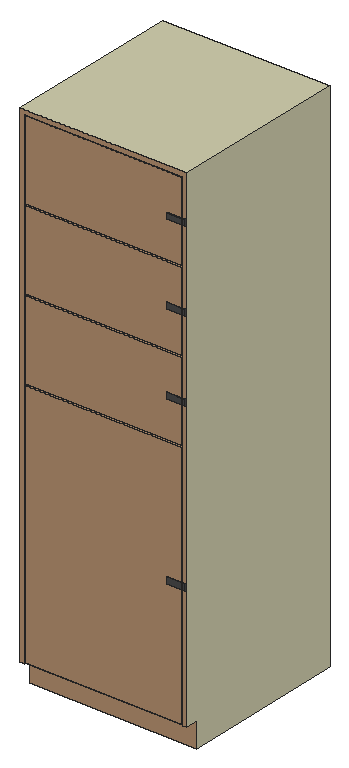
Revit family "Cabinet_Wenger_UltraStor_33", category Furniture, Revit 2015
Parameters (values of type "UltraStor Cabinet #33 - Comp Wood Doors")
  URL = "https://www.wengercorp.com/"
  Type Comments = ""
  Specification = "http://www.arcat.com/sdspecs/htm04/12_35_83wen.htm"
  Shelf Thickness = 0' - 1 1/8"
  Sales Information = "https://www.wengercorp.com/contact-us.php"
  Revision = "R1_2018-04"
  Rear Panel Thickness = 0' - 0 3/4"
  Product Data = "http://www.arcat.com/arcatcos/cos36/arc36487.html"
  Manufacturer Website = "https://www.wengercorp.com/"
  Manufacturer Phone - Toll Free = "800-4WENGER"
  Manufacturer Phone = "(507) 455-4100"
  Manufacturer Fax = "(507) 455-4258"
  Manufacturer Address = "555 Park Dr., Owatonna, MN 55060"
  Keynote = "12 35 83"
  HasDoors = yes
  Green Building-LEED = "http://www.arcat.com/green/clients/leed_data_36487.html"
  Drawn By = "Sumex Design, Inc. / Robert S. Weygant, CSI, CDT, SCIP"
  Door Width = (Cabinet Width - 0' 1 1/2")  # 2' - 2"
  Door Style = Door_Base : Solid Door
  Door Material [instance] = Wenger Cherry (Use Cherry Edge Band Only)
  Door Height = 1' - 4.175"
  Toe Kick Material [instance] = Wenger Cherry (Use Cherry Edge Band Only)
  RH End Panel [instance] = no
  Model = "#33"
  Manufacturer = "Wenger Corporation"
  LH End Panel [instance] = no
  End Panel Material [instance] = Wenger Cherry (Use Cherry Edge Band Only)
  Edge Banding Material [instance] = Wenger Cherry (Use Cherry Edge Band Only)
  Cost = 0
  Copyright = "© 2018 Arcat Inc."
  Construction Details = "http://www.arcat.com/details/wengerco/wengerco.html?coid=36487"
  Body Material [instance] = Wenger - Oyster
  Description = "Wenger UltraStor Cabinet #33 - Comp Wood Doors"
  Cabinet Width = 2' - 3 1/2"
  Cabinet Height = 7' - 1 5/8"
  Installed Depth = 2' - 5 1/4"
  Cabinet Panel Thickness = 0' - 0 3/4"
  Assembly Code = "E2010200"
Types (4): name | HasDoors | Door Style | Door Material | Description
  UltraStor Cabinet #33 - Comp Grille Doors | yes | Door_Base : Bars | Painted Black | "Wenger UltraStor Cabinet #33 - Comp Grille Doors"
  UltraStor Cabinet #33 - Comp Waterfall Grille Doors | yes | Door_Base : Waterfall | Painted Black | "Wenger UltraStor Cabinet #33 - Comp Waterfall Grille Doors"
  UltraStor Cabinet #33 - No Doors | no | Door_Base : Solid Door | none | "Wenger UltraStor Cabinet #33 - No Doors"
  UltraStor Cabinet #33 - Comp Wood Doors | yes | Door_Base : Solid Door | Wenger Cherry (Use Cherry Edge Band Only) | "Wenger UltraStor Cabinet #33 - Comp Wood Doors"
Reference planes (in)
  plane 1 "Front": y = 0
  plane 2: z = 0
  plane 3 "Left": x = 0
  plane 4 "Right": x = 27.5
  plane 5 "Back": y = 29.25
  plane 6 "Top": z = 85.625
  plane 7: z = 4
  plane 8: z = 45.125
  plane 9: z = 58.375
  plane 10: z = 71.625
  plane 11: x = 0.75
  plane 12: x = 26.75
  plane 13: z = 84.875
  plane 14: x = 26.75
  plane 15: x = 0
  plane 16: x = 0.75
  plane 17: y = 28.5
  plane 18: y = 2
  plane 19: y = 0.75
  plane 20: z = 46.25
  plane 21: z = 59.5
  plane 22: z = 72.75
  plane 23: z = 5.125
Forms (in)
  Extrusion 1, solid, material "Wenger - Oyster" <- "Body Material"
    sketch origin (0, 0, 0) x (0, 1, 0) y (0, 0, 1)
      loop
        line (0, 85.625) -> (0, 4) -> (2, 4) -> (2, 0) -> (29.25, 0) -> (29.25, 85.625) -> (0, 85.625)
    from 0 to 27.5
  Extrusion 2, void
    sketch origin (0, 0, 0) x (0, 1, 0) y (0, 0, 1)
      loop
        line (0, 84.875) -> (0, 45.125) -> (0.75, 45.125)
        arc (0.75, 45.125) -> (1.15915, 45.92734) -> (2, 46.25) r 1.25694
        line (2, 46.25) -> (28.5, 46.25) -> (28.5, 58.375) -> (0.75, 58.375)
        arc (0.75, 58.375) -> (1.15915, 59.17734) -> (2, 59.5) r 1.25694
        line (2, 59.5) -> (28.5, 59.5) -> (28.5, 71.625) -> (0.75, 71.625)
        arc (0.75, 71.625) -> (1.15915, 72.42734) -> (2, 72.75) r 1.25694
        line (2, 72.75) -> (28.5, 72.75) -> (28.5, 84.875) -> (0, 84.875)
    from 0.75 to 26.75
  Extrusion 3, void
    sketch origin (0, 0, 0) x (0, 1, 0) y (0, 0, 1)
      loop
        line (0, 84.875) -> (0, 4) -> (0.0625, 4) -> (0.0625, 84.875) -> (0, 84.875)
    from 0.75 to 26.75
  Extrusion 4, void
    sketch origin (0, 0, 0) x (1, 0, 0) y (0, 0, 1)
      loop
        line (0.75, 45.125) -> (0.75, 5.125) -> (26.75, 5.125) -> (26.75, 45.125) -> (0.75, 45.125)
    from -28.5 to 0
  Extrusion 5, solid, material "Metal_Black", detail levels fine
    sketch origin (0, 0, 0) x (0, 1, 0) y (0, 0, 1)
      loop
        line (14.94401, 42.07141) -> (15.01823, 42.07141) -> (15.01823, 43.32141) -> (14.39951, 43.32141) -> (14.18051, 42.94209) -> (14.24479, 42.90498) -> (14.44236, 43.24719) -> (14.94401, 43.24719) -> (14.94401, 42.07141)
    from 0.75 to 26.75
Cuts and joins
  Extrusion 2, Extrusion 3, Extrusion 4 cuts Extrusion 1
Lines and regions (in)
  Masking region 1
    outline origin (0, 0, 0) x (1, 0, 0) y (0, 1, 0)
      loop
        line (0, 29.25) -> (0, 0) -> (27.5, 0) -> (27.5, 29.25) -> (0, 29.25)
Dimensions and locks (in)
  "Cabinet Panel Thickness": plane 3 "Left" to plane 11
  "Cabinet Panel Thickness": plane 12 to plane 4 "Right"
  "Cabinet Panel Thickness": plane 5 "Back" to plane 17
  locked: plane 1 "Front" to plane 19 at 0.75
  locked: plane 1 "Front" to plane 18 at 2
  "Shelf Thickness": plane 20 to plane 8
  "Shelf Thickness": plane 21 to plane 9
  "Shelf Thickness": plane 22 to plane 10
  "Cabinet Panel Thickness": plane 6 "Top" to plane 13
  equal spacing: plane 13, plane 10, plane 9, plane 8
  "Shelf Thickness": plane 23 to plane 7
  "Cabinet Width": plane 3 "Left" to plane 4 "Right"
  locked: plane 7 to level at 4
  "Cabinet Height": plane 6 "Top" to level
  "Installed Depth": plane 1 "Front" to plane 5 "Back"
  "Door Width": plane 14 to plane 11
  "Door Width": plane 12 to plane 16
  plane 3 "Left" to plane 4 "Right" = 2' - 3 1/2"
  locked: plane 16 to plane 15 at 0.75
  equal spacing: plane 15, nested 2, plane 4 "Right"
  equal spacing: plane 5 "Back", nested 2, plane 1 "Front"
  aligned and locked: Extrusion 1 sketch curve to plane 6 "Top"
  aligned and locked: Extrusion 1 sketch curve to plane 5 "Back"
  aligned and locked: Extrusion 1 sketch curve to plane 1 "Front"
  aligned and locked: Extrusion 1 sketch curve to plane 7
  aligned and locked: Extrusion 1 sketch curve to plane 18
  aligned and locked: Extrusion 1 sketch curve to level
  aligned and locked: Extrusion 1 to plane 4 "Right"
  aligned and locked: Extrusion 1 to plane 3 "Left"
  aligned and locked: Extrusion 2 sketch curve to plane 13
  aligned and locked: Extrusion 2 sketch curve to plane 17
  aligned and locked: Extrusion 2 sketch curve to plane 10
  aligned and locked: Extrusion 2 sketch curve to plane 21
  aligned and locked: Extrusion 2 sketch curve to plane 9
  aligned and locked: Extrusion 2 sketch curve to plane 20
  aligned and locked: Extrusion 2 sketch curve to plane 8
  aligned and locked: Extrusion 2 sketch curve to plane 22
  aligned and locked: Extrusion 2 to plane 11
  aligned and locked: Extrusion 3 sketch curve to cut or joined group of Extrusion 1, Extrusion 2, Extrusion 3, Extrusion 4  (x3)
  aligned and locked: Extrusion 3 to plane 12
  aligned and locked: Extrusion 3 to plane 11
  aligned and locked: nested 3 to plane 11
  aligned and locked: plane 14 to nested 3
  aligned and locked: nested 3 to plane 10
  aligned and locked: plane 10 to cut or joined group of Extrusion 1, Extrusion 2, Extrusion 3, Extrusion 4
  aligned and locked: nested 4 to plane 9
  aligned and locked: nested 5 to plane 8
  aligned and locked: plane 14 to nested 5
  aligned and locked: plane 14 to nested 4
  aligned and locked: nested 4 to plane 11
  aligned and locked: nested 5 to plane 11
  aligned and locked: nested 6 to plane 11
  aligned and locked: plane 7 to cut or joined group of Extrusion 1, Extrusion 2, Extrusion 3, Extrusion 4
  aligned and locked: nested 6 to plane 7
  aligned and locked: plane 1 "Front" to nested 7
  aligned and locked: nested 7 to level
  aligned and locked: nested 7 to plane 4 "Right"
  aligned and locked: Masking region 1 sketch curve to plane 5 "Back"
  aligned and locked: Masking region 1 sketch curve to plane 1 "Front"
  aligned and locked: plane 3 "Left" to Masking region 1 sketch curve
  aligned and locked: plane 4 "Right" to Masking region 1 sketch curve
  aligned and locked: plane 8 to nested 6
  aligned and locked: nested 6 to plane 12
  aligned and locked: Extrusion 4 sketch curve to nested 6  (x2)
  aligned and locked: plane 23 to Extrusion 4 sketch curve
  aligned and locked: plane 12 to Extrusion 4 sketch curve
  aligned and locked: plane 17 to Extrusion 4
  aligned and locked: plane 1 "Front" to Extrusion 4
  aligned and locked: cut or joined group of Extrusion 1, Extrusion 2, Extrusion 3, Extrusion 4 to plane 12
  aligned and locked: plane 18 to Extrusion 2 sketch curve  (x3)
  aligned and locked: plane 19 to Extrusion 2 sketch curve  (x3)
  aligned and locked: plane 1 "Front" to Extrusion 2 sketch curve
  aligned and locked: plane 17 to Extrusion 2 sketch curve  (x2)
  aligned and locked: Extrusion 5 to plane 12
  aligned and locked: Extrusion 5 to plane 11
  aligned and locked: plane 9 to nested 5
  aligned and locked: plane 10 to nested 4
  aligned and locked: plane 13 to nested 3
Automatic sketch dimensions
  plane 19 to Extrusion 3 sketch curve = 0' - 0 11/16"
  Extrusion 5 sketch curve to plane 8 = 0' - 2.18291"
  Extrusion 5 sketch curve to plane 18 = 1' - 0.18051"
  Extrusion 5 sketch curve to plane 8 = 0' - 2.22002"
  Extrusion 5 sketch curve to Extrusion 5 sketch curve = 0' - 0.06428"
  Extrusion 5 sketch curve to plane 8 = 0' - 1.80359"
  Extrusion 5 sketch curve to Extrusion 5 sketch curve = 0' - 0.04285"
  Extrusion 5 sketch curve to Extrusion 5 sketch curve = 0' - 0.50165"
  Extrusion 5 sketch curve to Extrusion 5 sketch curve = 0' - 0 19/256"
  Extrusion 5 sketch curve to Extrusion 5 sketch curve = 0' - 0.83357"
Nested families (in)
  nested 1: "End Panel" at (0, 14.25, 0) x (0, -1, 0) z (0, 0, 1), End Panel Material <- "End Panel Material", visible <- "LH End Panel", Edge Banding Material <- "Edge Banding Material", type "End Panel"
    with End Panel Material Wenger Cherry (Use Cherry Edge Band Only), Edge Banding Material Wenger Cherry (Use Cherry Edge Band Only), End Panel Depth 2' - 5 1/4"
  nested 2: "Labels" at (13.75, 14.625, 0), type "Labels"
  nested 3: "Door_Base" at (13.75, 0, 71.625) x (1, 0, 0) z (0, -1, 0), type <- "Door Style", Width <- "Door Width", visible <- "HasDoors", type "Solid Door", detail levels medium+fine
    with vBars 24, Width 2' - 2", ToeKick Height 0' - 4", MidBar no, Height 1' - 1 1/4", BarHt 1' - 0 3/4", 2HzBars no
  nested 4: "Door_Base" at (13.75, 0, 58.375) x (1, 0, 0) z (0, -1, 0), type <- "Door Style", Width <- "Door Width", visible <- "HasDoors", type "Solid Door", detail levels medium+fine
    with vBars 24, Width 2' - 2", ToeKick Height 0' - 4", MidBar no, Height 1' - 1 1/4", BarHt 1' - 0 3/4", 2HzBars no
  nested 5: "Door_Base" at (13.75, 0, 45.125) x (1, 0, 0) z (0, -1, 0), type <- "Door Style", Width <- "Door Width", visible <- "HasDoors", type "Solid Door", detail levels medium+fine
    with vBars 24, Width 2' - 2", ToeKick Height 0' - 4", MidBar no, Height 1' - 1 1/4", BarHt 1' - 0 3/4", 2HzBars no
  nested 6: "Door_Base" at (13.75, 0, 4) x (1, 0, 0) z (0, -1, 0), type <- "Door Style", visible <- "HasDoors", type "Solid Door", detail levels medium+fine
    with vBars 24, Width 2' - 2", ToeKick Height 0' - 4", MidBar no, Height 3' - 5 1/8", BarHt 3' - 4 5/8", 2HzBars no
  nested 7: "End Panel" at (28.25, 14.25, 0) x (0, -1, 0) z (0, 0, 1), End Panel Material <- "End Panel Material", Edge Banding Material <- "Edge Banding Material", visible <- "RH End Panel", type "End Panel"
    with End Panel Material Wenger Cherry (Use Cherry Edge Band Only), Edge Banding Material Wenger Cherry (Use Cherry Edge Band Only), End Panel Depth 2' - 5 1/4"
Definition of nested family "End Panel"
  Parameters (values of type "End Panel")
    End Panel Material [instance] = none
    End Panel Height = 7' - 1 5/8"
    End Panel Depth = 1' - 9 3/4"
    Edge Banding Material [instance] = none
    Default Elevation = 4' - 0"
    Assembly Code = ""
  Reference planes (in)
    plane 1 "Center (Front/Back)": y = 0
    plane 2: z = 0
    plane 3 "Center (Left/Right)": x = 0
    plane 4: x = -15
    plane 5: x = 6.75
    plane 6: z = 4
    plane 7: x = 4.75
    plane 8: z = 85.625
    plane 9: y = -0.75
  Forms (in)
    Extrusion 1, solid, material <- "End Panel Material"
      sketch origin (0, 0, 0) x (1, 0, 0) y (0, 0, 1)
        loop
          line (-15, 85.625) -> (-15, 0) -> (4.75, 0) -> (4.75, 4) -> (6.75, 4) -> (6.75, 85.625) -> (-15, 85.625)
      from 0 to 0.75
  Lines and regions (in)
    Masking region 1, detail levels coarse+medium
      outline origin (0, 0, 0) x (1, 0, 0) y (0, 1, 0)
        loop
          line (-15, 0) -> (-15, -0.75) -> (6.75, -0.75) -> (6.75, 0) -> (-15, 0)
  Dimensions and locks (in)
    locked: plane 7 to plane 5 at 2
    locked: plane 6 to level at 4
    "End Panel Height": plane 8 to level
    "End Panel Depth": plane 5 to plane 4
    locked: plane 9 to plane 1 "Center (Front/Back)" at 0.75
    aligned and locked: plane 4 to Extrusion 1 sketch curve
    aligned and locked: level to Extrusion 1 sketch curve
    aligned and locked: plane 7 to Extrusion 1 sketch curve
    aligned and locked: plane 6 to Extrusion 1 sketch curve
    aligned and locked: Extrusion 1 sketch curve to plane 5
    aligned and locked: Extrusion 1 sketch curve to plane 8
    aligned and locked: Extrusion 1 to plane 9
    aligned and locked: Extrusion 1 to plane 1 "Center (Front/Back)"
    aligned and locked: plane 4 to Masking region 1 sketch curve
    aligned and locked: Masking region 1 sketch curve to plane 5
    aligned and locked: plane 1 "Center (Front/Back)" to Masking region 1 sketch curve
    aligned and locked: plane 9 to Masking region 1 sketch curve
Definition of nested family "Door_Base"
  Parameters (values of type "None")
    vBars [instance] = (Width - 0' 2") / 0' 1"  # 6
    Width [instance] = 0' - 8"
    ToeKick Height [instance] = 0' - 4"
    Thickness = 0' - 0 3/4"
    Solid Door = no
    Shelf Thickness = 0' - 0 3/4"
    Panel Thickness = 0' - 0 3/4"
    MidBar [instance] = and(Height < 1' 6", HasDoor, not(Solid Door))  # no
    Height [instance] = 1' - 2 5/8"
    HasDoor = no
    Edge Banding = none
    DoorGap = 0' - 0 1/8"
    Door Finish = none
    Depth = 2' - 0"
    Default Elevation = 4' - 0"
    Bars = no
    BarStyle = Bars : Waterfall
    BarHt [instance] = Height - 0' 0 1/2"  # 1' - 2 1/8"
    2HzBars [instance] = and(Height > 1' 6", not(Solid Door))  # no
  Types (4): name | Thickness | Solid Door | MidBar | HasDoor | Bars | BarStyle
    Solid Door | 0' - 0 3/4" | yes | no | yes | no | Bars : Waterfall
    Bars | 0' - 0 1/4" | no | yes | yes | yes | Bars : Straight
    Waterfall | 0' - 0 3/4" | no | yes | yes | yes | Bars : Waterfall
    None | 0' - 0 3/4" | no | no | no | no | Bars : Waterfall
  Reference planes (in)
    plane 1 "Center (Front/Back)": y = 0
    plane 2: z = 0
    plane 3 "Center (Left/Right)": x = 0
    plane 4: x = -4
    plane 5: y = 14.625
    plane 6: x = 4
    plane 7: z = -0.75
    plane 8: x = -3.875
    plane 9: x = 3.875
    plane 10: y = 0.125
    plane 11: y = 14.5
    plane 12: y = -0.75
    plane 13 "CL Elev": y = 7.3125
    plane 14: x = -3.75
    plane 15: x = 3.75
    plane 16 "BtmRail": y = 0.25
    plane 17: y = 14.375
    plane 18: z = -0.125
    plane 19: x = -2.75
    plane 20: x = 2.75
    plane 21: y = 9.66667
    plane 22: y = 4.95833
  Forms (in)
    Extrusion 1, solid, material <- "Door Finish", visible <- "Solid Door", detail levels medium+fine
      sketch origin (0, 0, 0) x (1, 0, 0) y (0, 1, 0)
        loop
          arc (-3.75, 14.5) -> (-3.83839, 14.46339) -> (-3.875, 14.375) r 0.125
          line (-3.875, 14.375) -> (-3.875, 0.25)
          arc (-3.875, 0.25) -> (-3.83839, 0.16161) -> (-3.75, 0.125) r 0.125
          line (-3.75, 0.125) -> (3.75, 0.125)
          arc (3.75, 0.125) -> (3.83839, 0.16161) -> (3.875, 0.25) r 0.125
          line (3.875, 0.25) -> (3.875, 14.375)
          arc (3.875, 14.375) -> (3.83839, 14.46339) -> (3.75, 14.5) r 0.125
          line (3.75, 14.5) -> (-3.75, 14.5)
      from 0 to -0.75
    Sweep 2, solid, material <- "Door Finish", visible <- "Bars", detail levels medium+fine
      path origin (0, 0, 0) x (1, 0, 0) y (0, 1, 0)
        loop
          arc (-3.125, 14.5) -> (-3.65533, 14.28033) -> (-3.875, 13.75) r 0.75
          line (-3.875, 13.75) -> (-3.875, 0.875)
          arc (-3.875, 0.875) -> (-3.65533, 0.34467) -> (-3.125, 0.125) r 0.75
          line (-3.125, 0.125) -> (3.125, 0.125)
          arc (3.125, 0.125) -> (3.65533, 0.34467) -> (3.875, 0.875) r 0.75
          line (3.875, 0.875) -> (3.875, 13.75)
          arc (3.875, 13.75) -> (3.65533, 14.28033) -> (3.125, 14.5) r 0.75
          line (3.125, 14.5) -> (-3.125, 14.5)
      profile origin (0, 14.5, 0) x (0, 1, 0) y (0, 0, 1)
        loop
          circle (-0.125, -0.125) r 0.125
    Extrusion 3, solid, material <- "Door Finish", visible <- "MidBar", detail levels medium+fine
      sketch origin (0, 0, 0) x (0, 1, 0) y (0, 0, 1)
        loop
          circle (7.3125, -0.125) r 0.125
      from -3.75 to 3.75
    Extrusion 4, solid, visible <- "HasDoor", detail levels fine
      sketch origin (0, 0, 0) x (1, 0, 0) y (0, 1, 0)
        loop
          line (1.5, 7.8125) -> (1.5, 6.8125) -> (4.5, 6.8125) -> (4.5, 7.8125) -> (1.5, 7.8125)
      from 0 to 0.125
    Extrusion 5, solid, material <- "Door Finish", visible <- "2HzBars", detail levels medium+fine
      sketch origin (0, 0, 0) x (0, 1, 0) y (0, 0, 1)
        loop
          circle (9.66667, -0.125) r 0.125
        loop
          circle (4.95833, -0.125) r 0.125
      from -3.75 to 3.75
  Lines and regions (in)
    symbolic lines, visible <- "HasDoor", detail levels medium+fine
      curve 1: line (4, 0.25, 0) -> (-4, 0.25, 0)
      curve 2: line (-4, 0.25, 0) -> (-4, 0.25, 8)
      curve 3: arc (4, 0.25, 0) -> (1.65685, 0.25, 5.65685) -> (-4, 0.25, 8) r 8
    symbolic lines, visible <- "HasDoor"
      curve 4: line (3.875, 0.25, 0) -> (3.875, 0.25, -0.75)
      curve 5: line (3.875, 0.25, -0.75) -> (-3.875, 0.25, -0.75)
      curve 6: line (-3.875, 0.25, -0.75) -> (-3.875, 0.25, 0)
    symbolic lines, detail levels medium
      curve 7: line (3.875, 14.5, 0) -> (-3.875, 7.3125, 0)
      curve 8: line (-3.875, 7.3125, 0) -> (3.875, 0.125, 0)
  Dimensions and locks (in)
    "Height": plane 1 "Center (Front/Back)" to plane 5
    "Thickness": level to plane 7
    equal spacing: plane 4, plane 3 "Center (Left/Right)", plane 6
    "Width": plane 4 to plane 6
    "DoorGap": plane 5 to plane 11
    "DoorGap": plane 9 to plane 6
    "DoorGap": plane 4 to plane 8
    "DoorGap": plane 1 "Center (Front/Back)" to plane 10
    "Shelf Thickness": plane 1 "Center (Front/Back)" to plane 12
    equal spacing: plane 1 "Center (Front/Back)", plane 13 "CL Elev", plane 5
    locked: plane 15 to plane 9 at 0.125
    locked: plane 8 to plane 14 at 0.125
    locked: plane 11 to plane 17 at 0.125
    locked: plane 16 "BtmRail" to plane 10 at 0.125
    locked: level to plane 18 at 0.125
    plane 19 to plane 14 = 0' - 1"
    locked: plane 15 to plane 20 at 1
    Extrusion 4 sketch curve to plane 13 "CL Elev" to Extrusion 4 sketch curve = 0' - 0 1/2" locked, 0' - 0 1/2" locked
    locked: plane 6 to Extrusion 4 sketch curve at 0.5
    locked: Extrusion 4 sketch curve to plane 6 at 2.5
    locked: Extrusion 4 to level at 0.125
    equal spacing: group 1, group 3, group 4, group 5, group 6, group 2  (x3)
    equal spacing: plane 17, plane 21, plane 22, plane 16 "BtmRail"
    "Width": radius of curve 3
    aligned and locked: plane 2 to level
    aligned and locked: Extrusion 1 sketch curve to plane 11
    aligned and locked: plane 8 to Extrusion 1 sketch curve
    aligned and locked: Extrusion 1 sketch curve to plane 9
    aligned and locked: plane 10 to Extrusion 1 sketch curve
    aligned and locked: Extrusion 1 to plane 7
    aligned and locked: level to Extrusion 1
    aligned and locked: Sweep 2 sketch curve to plane 11
    aligned and locked: plane 8 to Sweep 2 sketch curve
    aligned and locked: plane 10 to Sweep 2 sketch curve
    aligned and locked: Sweep 2 sketch curve to plane 9
    aligned and locked: plane 15 to Extrusion 3
    aligned and locked: Extrusion 3 to plane 14
    aligned and locked: plane 20 to nested 2
    aligned and locked: plane 19 to nested 1
    aligned and locked: plane 21 to Extrusion 5 sketch curve
    aligned and locked: plane 18 to Extrusion 5 sketch curve  (x2)
    aligned and locked: plane 22 to Extrusion 5 sketch curve
    aligned and locked: Extrusion 5 to Extrusion 3  (x2)
    aligned and locked: plane 4 to curve 3  (x2)
    aligned and locked: level to curve 3
    aligned and locked: plane 7 to curve 5
    aligned and locked: Extrusion 1 to plane 8
    aligned and locked: plane 9 to Extrusion 1
    aligned and locked: plane 10 to curve 8
    aligned and locked: plane 9 to curve 8
    aligned and locked: plane 13 "CL Elev" to curve 8
    aligned and locked: plane 11 to curve 7
    aligned and locked: plane 9 to curve 7
  Automatic sketch dimensions
    plane 8 to Sweep 2 sketch curve = 0' - 0 3/4"  (x2)
    Sweep 2 sketch curve to plane 9 = 0' - 0 3/4"
    Sweep 2 sketch curve to Sweep 2 sketch curve = 0' - 0 3/4"
    Sweep 2 sketch curve to level = 0' - 0 1/8"
    profile plane to Sweep 2 sketch curve = 0' - 0 1/8"
    Extrusion 3 sketch curve to level = 0' - 0 1/8"
    Extrusion 3 sketch curve to plane 13 "CL Elev" = 0' - 0"
    curve 8 to plane 8 = 0' - 0"
    Extrusion 1 sketch curve to plane 14 = 0' - 0"  (x2)
    Extrusion 1 sketch curve to plane 15 = 0' - 0"  (x2)
    curve 5 to plane 9 = 0' - 0"
    curve 6 to plane 8 = 0' - 0"
    radius of Sweep 2 sketch curve = 0' - 0 1/8"
    radius of Extrusion 3 sketch curve = 0' - 0 1/8"
    radius of Extrusion 5 sketch curve = 0' - 0 1/8"  (x2)
  Nested families (in)
    nested 1: "Bars" at (-2.75, 0.25, -0.125) x (1, 0, 0) z (0, 1, 0), type <- "BarStyle", visible <- "Bars", type "Waterfall", detail levels fine
      with Lateral Deviation 0' - 1", Height 1' - 2 1/8"
    nested 2: "Bars" at (2.75, 0.25, -0.125) x (1, 0, 0) z (0, 1, 0), type <- "BarStyle", visible <- "Bars", type "Waterfall", detail levels fine
      with Lateral Deviation 0' - 1", Height 1' - 2 1/8"
    nested 3: "Bars" at (-1.65, 0.25, -0.125) x (1, 0, 0) z (0, 1, 0), type <- "BarStyle", visible <- "Bars", type "Waterfall", detail levels fine
      with Lateral Deviation 0' - 1", Height 1' - 2 1/8"
    nested 4: "Bars" at (-0.55, 0.25, -0.125) x (1, 0, 0) z (0, 1, 0), type <- "BarStyle", visible <- "Bars", type "Waterfall", detail levels fine
      with Lateral Deviation 0' - 1", Height 1' - 2 1/8"
    nested 5: "Bars" at (0.55, 0.25, -0.125) x (1, 0, 0) z (0, 1, 0), type <- "BarStyle", visible <- "Bars", type "Waterfall", detail levels fine
      with Lateral Deviation 0' - 1", Height 1' - 2 1/8"
    nested 6: "Bars" at (1.65, 0.25, -0.125) x (1, 0, 0) z (0, 1, 0), type <- "BarStyle", visible <- "Bars", type "Waterfall", detail levels fine
      with Lateral Deviation 0' - 1", Height 1' - 2 1/8"
  Definition of nested family "Bars"
    Parameters (values of type "Straight")
      WaterFall = no
      Straight = yes
      Lateral Deviation = 0' - 1 1/2"
      Height = 1' - 2 5/8"
      Default Elevation = 4' - 0"
      Bars = none
    Types (3): name | WaterFall | Straight
      (no name) | no | yes
      Waterfall | yes | no
      Straight | no | yes
    Reference planes (in)
      plane 1 "Center (Front/Back)": y = 0
      plane 2: z = 0
      plane 3 "Center (Left/Right)": x = 0
      plane 4: z = 14.625
      plane 5: z = 7.3125
      plane 6: x = 0.75
      plane 7: x = -0.75
      plane 8: z = 10.96875
      plane 9: z = 3.65625
    Forms (in)
      Sweep 1, solid, material <- "Bars", visible <- "WaterFall"
        path origin (0, 0, 0) x (1, 0, 0) y (0, 0, 1)
          loop
            arc (0, 0) -> (0.56057, 1.79006) -> (0.75, 3.65625) r 9.28711
            arc (0.75, 3.65625) -> (0.56057, 5.52244) -> (0, 7.3125) r 9.28711
        profile origin (0.56057, 0, 1.79006) x (-0.979603, 0, 0.200944) y (0, -1, 0)
          loop
            circle (0, 0) r 0.0625
      Sweep 2, solid, material <- "Bars", visible <- "WaterFall"
        path origin (0, 0, 14.625) x (-1, 0, 0) y (0, 0, -1)
          loop
            arc (0, 0) -> (0.56057, 1.79006) -> (0.75, 3.65625) r 9.28711
            arc (0.75, 3.65625) -> (0.56057, 5.52244) -> (0, 7.3125) r 9.28711
        profile origin (-0.56057, 0, 12.83494) x (0.979603, 0, -0.200944) y (0, -1, 0)
          loop
            circle (0, 0) r 0.0625
      Extrusion 3, solid, material <- "Bars", visible <- "Straight"
        sketch origin (0, 0, 0) x (1, 0, 0) y (0, 1, 0)
          loop
            circle (0, 0) r 0.0625
        from 0 to 14.625
    Dimensions and locks (in)
      "Height": plane 4 to level
      equal spacing: plane 6, plane 3 "Center (Left/Right)", plane 7
      "Lateral Deviation": plane 6 to plane 7
      equal spacing: plane 4, plane 8, plane 5, plane 9, level
      aligned and locked: plane 2 to level
      aligned and locked: plane 3 "Center (Left/Right)" to Sweep 1 sketch curve  (x2)
      aligned and locked: level to Sweep 1 sketch curve
      aligned and locked: plane 6 to Sweep 1 sketch curve
      aligned and locked: plane 9 to Sweep 1 sketch curve
      aligned and locked: plane 4 to Sweep 2 sketch curve
      aligned and locked: plane 3 "Center (Left/Right)" to Sweep 2 sketch curve  (x2)
      aligned and locked: plane 8 to Sweep 2 sketch curve
      aligned and locked: plane 7 to Sweep 2 sketch curve
      aligned and locked: plane 5 to Sweep 2 sketch curve
      aligned and locked: plane 4 to Extrusion 3
      aligned and locked: Extrusion 3 to level
    Automatic sketch dimensions
      plane 1 "Center (Front/Back)" to Sweep 1 sketch curve = 0' - 0"
      Sweep 1 sketch curve to profile plane = 0' - 0"
      Sweep 1 sketch curve to Sweep 1 sketch curve = 0' - 0"
      Sweep 2 sketch curve to plane 1 "Center (Front/Back)" = 0' - 0"
      Sweep 2 sketch curve to profile plane = 0' - 0"
      plane 1 "Center (Front/Back)" to Extrusion 3 sketch curve = 0' - 0"
      Extrusion 3 sketch curve to plane 3 "Center (Left/Right)" = 0' - 0"
      radius of Sweep 1 sketch curve = 0' - 0 1/16"
      radius of Sweep 2 sketch curve = 0' - 0 1/16"
      radius of Extrusion 3 sketch curve = 0' - 0 1/16"
Definition of nested family "Labels"
  Parameters
    Cabinet Label = "01"
  Reference planes (in)
    plane 1: y = 0
    plane 2: x = 0
  Text (in)
    label "xxxx" at (-0.00018, 0.00754, 0), shows "Cabinet Label"
